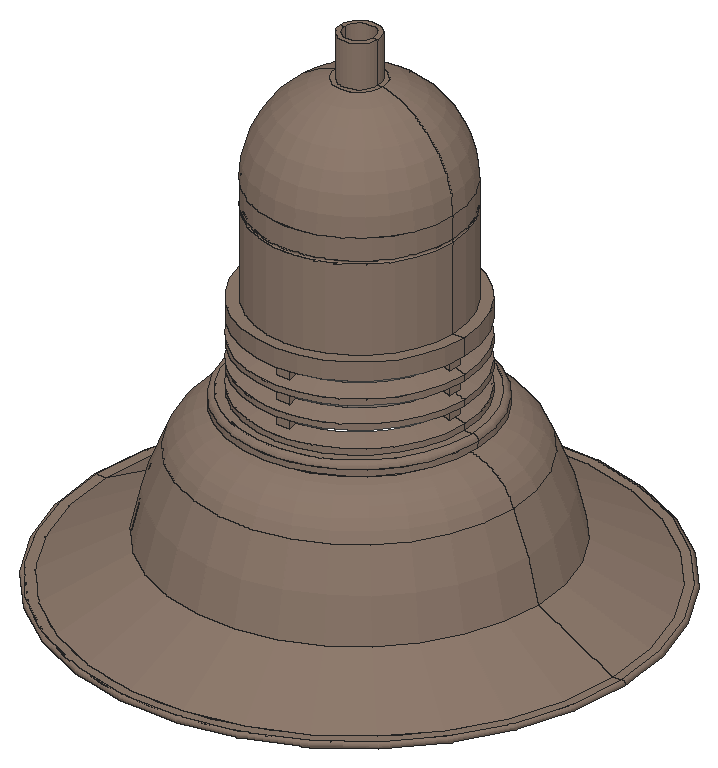
Revit family "BVB3009", category Generic Models, Revit 2014
Parameters
  bell = Bronze, Architectural
  GLASS = Glass
  DETAIL = Bronze, Architectural
Reference planes (in)
  plane 1 "Center (Front/Back)": y = 0
  plane 2: z = 0
  plane 3 "Center (Left/Right)": x = 0
Forms (in)
  Revolve 1, solid, material "Bronze, Architectural" <- "bell"
    sketch origin (0, 0, 0) x (1, 0, 0) y (0, 0, 1)
      loop
        line (-1.0625, 27.91585) -> (-1.0625, 25.60231) -> (-0.8125, 25.60231) -> (-0.8125, 27.91585) -> (-1.0625, 27.91585)
      axis (0, 27.91585) -> (0, 25.60231)
    angle from 0 to 360
  Revolve 2, solid, material "Bronze, Architectural" <- "bell"
    sketch origin (0, 0, 0) x (1, 0, 0) y (0, 0, 1)
      loop
        arc (-1.32759, 25.60231) -> (-4.19822, 23.71249) -> (-5.31037, 20.46056) r 5.31037
        line (-5.31037, 20.46056) -> (-5.31037, 19.28916)
        arc (-5.31037, 19.28916) -> (-5.26218, 19.21106) -> (-5.31037, 19.13297) r 0.08737
        line (-5.31037, 19.13297) -> (-5.31037, 14.52544) -> (-5.93512, 14.52544) -> (-5.93512, 13.58831) -> (-4.873, 13.58831) -> (-4.873, 14.08804) -> (-5.21662, 14.08804) -> (-5.21662, 19.08804)
        arc (-5.21662, 19.08804) -> (-5.16843, 19.21106) -> (-5.21662, 19.33409) r 0.18112
        line (-5.21662, 19.33409) -> (-5.21662, 20.46056)
        arc (-5.21662, 20.46056) -> (-4.12773, 23.65039) -> (-1.31563, 25.50856) r 5.21662
        line (-1.31563, 25.50856) -> (-0.57759, 25.50856) -> (-0.57759, 25.60231) -> (-1.32759, 25.60231)
      axis (0, 25.60231) -> (0, 13.58831)
    angle from 0 to 360
  Revolve 3, solid, material "Bronze, Architectural" <- "DETAIL"
    sketch origin (0, 0, 0) x (1, 0, 0) y (0, 0, 1)
      loop
        line (5.93513, 12.33881) -> (5.93513, 12.65119) -> (4.998, 12.96356) -> (4.998, 12.86474) -> (5.84138, 12.58362) -> (5.84138, 12.33881) -> (5.93513, 12.33881)
      loop
        line (5.93513, 11.08931) -> (5.93513, 11.40169) -> (4.998, 11.71406) -> (4.998, 11.61524) -> (5.84138, 11.33412) -> (5.84138, 11.08931) -> (5.93513, 11.08931)
      loop
        line (5.93513, 9.83981) -> (5.93513, 10.15219) -> (4.998, 10.46456) -> (4.998, 10.36574) -> (5.84138, 10.08462) -> (5.84138, 9.83981) -> (5.93513, 9.83981)
      axis (0, 12.96356) -> (0, 9.83981)
    angle from 0 to 360
  Revolve 4, solid, material "Glass" <- "GLASS"
    sketch origin (0, 0, 0) x (1, 0, 0) y (0, 0, 1)
      loop
        line (4.998, 13.58831) -> (4.873, 13.58831) -> (4.873, 9.83981) -> (4.998, 9.83981) -> (4.998, 13.58831)
      axis (0, 13.58831) -> (0, 9.83981)
    angle from 0 to 360
  Extrusion 5, solid, material "Bronze, Architectural" <- "DETAIL"
    sketch origin (0, 0, 0) x (1, 0, 0) y (0, 0, 1)
      loop
        line (4.998, 9.83981) -> (5.38847, 9.83981) -> (5.38847, 13.58831) -> (4.998, 13.58831) -> (4.998, 9.83981)
    from -0.375 to 0.375
  Extrusion 6, solid, material "Bronze, Architectural" <- "DETAIL"
    sketch origin (0, 0, 0) x (-1, 0, 0) y (0, 0, 1)
      loop
        line (4.998, 9.83981) -> (5.38847, 9.83981) -> (5.38847, 13.58831) -> (4.998, 13.58831) -> (4.998, 9.83981)
    from -0.375 to 0.375
  Extrusion 7, solid, material "Bronze, Architectural" <- "DETAIL"
    sketch origin (0, 0, 0) x (0, -1, 0) y (0, 0, 1)
      loop
        line (4.998, 9.83981) -> (5.38847, 9.83981) -> (5.38847, 13.58831) -> (4.998, 13.58831) -> (4.998, 9.83981)
    from -0.375 to 0.375
  Extrusion 8, solid, material "Bronze, Architectural" <- "DETAIL"
    sketch origin (0, 0, 0) x (0, 1, 0) y (0, 0, 1)
      loop
        line (4.998, 9.83981) -> (5.38847, 9.83981) -> (5.38847, 13.58831) -> (4.998, 13.58831) -> (4.998, 9.83981)
    from -0.375 to 0.375
  Revolve 9, solid, material "Bronze, Architectural" <- "bell"
    sketch origin (0, 0, 0) x (1, 0, 0) y (0, 0, 1)
      loop
        arc (-6.40369, 9.83981) -> (-6.62457, 9.74832) -> (-6.71606, 9.52744) r 0.31238
        line (-6.71606, 9.52744) -> (-6.71606, 9.21506) -> (-5.92201, 9.21506)
        arc (-5.92201, 9.21506) -> (-6.14758, 9.12433) -> (-6.2475, 8.90269) r 0.32576
        arc (-6.2475, 8.90269) -> (-7.7727, 8.2268) -> (-8.7465, 6.87225) r 3.18273
        arc (-8.7465, 6.87225) -> (-9.60248, 4.73485) -> (-10.15219, 2.499) r 16.47791
        line (-10.15219, 2.499) -> (-14.33651, 0.31237) -> (-14.83781, 0.31237)
        arc (-14.83781, 0.31237) -> (-14.99398, 0.15383) -> (-14.83309, 0.00007) r 0.15619
        line (-14.83309, 0.00007) -> (-14.29309, 0.22929) -> (-10.06763, 2.43741)
        arc (-10.06763, 2.43741) -> (-9.51963, 4.68621) -> (-8.66021, 6.83534) r 16.38416
        arc (-8.66021, 6.83534) -> (-7.68015, 8.18082) -> (-6.14415, 8.82234) r 3.08898
        arc (-6.14415, 8.82234) -> (-6.10824, 9.02768) -> (-5.92201, 9.12131) r 0.23201
        line (-5.92201, 9.12131) -> (-4.873, 9.12131) -> (-4.873, 9.83981) -> (-6.40369, 9.83981)
      axis (0, 0.00007) -> (0, 9.83981)
    angle from 0 to 360
Dimensions and locks (in)
  aligned and locked: plane 2 to level
